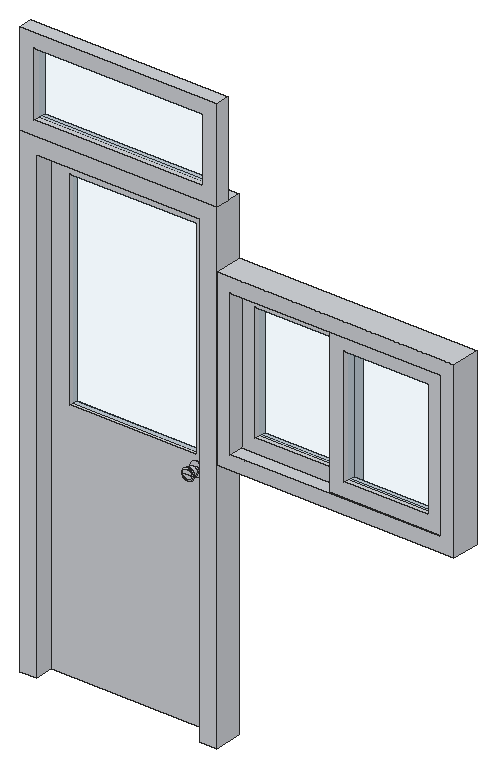
Revit family "D7A_鋁門", category 門, Revit 2014
Parameters (values of type "(85+103) x 250 cm")
  玻璃 = 玻璃
  熱阻 (R) = 0.270117 (m²·K)/W
  Visual Light Transmittance = 0
  Solar Heat Gain Coefficient = 0
  營造類型 Id = "MDOOR"
  關鍵註記 = "單開門-矩形"
  傳熱係數 (U) = 3.7021 W/(m²·K)
  功能 = 室內
  門扇材料 = none
  門扇寬度 = Width - 2 * 開門側框寬度  # 750 mm
  門扇厚度 = 40 mm
  Assembly Code = ""
  Rough Height = Height  # 2100 mm
  Rough Width = Width  # 850 mm
  框架深度 = 120 mm
  框擋板寬度 = 門扇厚度 / 2  # 20 mm
  框總寬度 [instance] = 開門側框寬度 + 框擋板寬度  # 70 mm
  Height = 2100 mm
  牆封閉 = 依主體
  框架材料 = none
  開門側框寬度 = 50 mm
  握把五金 = none
  Width = 850 mm
  操作 = "左單開門方向"
  解析營造 = "金屬"
Reference planes
  plane 1: y = -210
  plane 2 "中心 (左/右)": x = 0
  plane 3 "左": x = -425
  plane 4 "右": x = 425
  plane 5: z = 2100
  plane 6 "外部": y = -135
  plane 7 "內部": y = -285
  plane 8: y = 320
  plane 9: y = -740
  plane 10: z = 1050
Forms (mm)
  Sweep 1, solid, material <- "框架材料"
    path origin (-5000, -210, 0) x (-1, 0, 0) y (0, 0, 1)
      loop
        line (-5425, 0) -> (-5425, 2100) -> (-4575, 2100) -> (-4575, 0)
    profile origin (425, -210, 1050) x (1, 0, 0) y (0, 1, 0)
      loop
        line (0, 60) -> (-50, 60) -> (-50, 20) -> (-70, 20) -> (-70, -60) -> (0, -60) -> (0, 60)
  Extrusion 2, solid, material <- "門扇材料"
    sketch origin (-5000, -210, 0) x (1, 0, 0) y (0, 0, 1)
      loop
        line (4625, 2050) -> (4625, 0) -> (5375, 0) -> (5375, 2050) -> (4625, 2050)
      loop
        line (5275, 1050) -> (5275, 1950) -> (4725, 1950) -> (4725, 1050) -> (5275, 1050)
    from -60 to -20
  Extrusion 3, solid, material "玻璃" <- "玻璃"
    sketch origin (-5000, -210, 0) x (1, 0, 0) y (0, 0, 1)
      loop
        line (5275, 1950) -> (4725, 1950) -> (4725, 1050) -> (5275, 1050) -> (5275, 1950)
    from -55 to -35
Lines and regions (mm)
  Opening 1
    outline origin (-3050, -285, 0) x (1, 0, 0) y (0, 0, 1)
      loop
        line (2625, 0) -> (3475, 0) -> (3475, 2100) -> (2625, 2100) -> (2625, 0)
  Opening 2
    outline origin (-5000, -285, 0) x (1, 0, 0) y (0, 0, 1)
      loop
        line (5425, 2500) -> (4575, 2500) -> (4575, 2100) -> (5425, 2100) -> (5425, 2500)
  symbolic lines, style "Doors"
    curve 1: line (-375, -150, 0) -> (-335, -150, 0)
    curve 2: line (-375, 600, 0) -> (-375, -150, 0)
    curve 3: line (-335, 600, 0) -> (-375, 600, 0)
    curve 4: line (-335, -150, 0) -> (-335, 600, 0)
  symbolic lines, style "平面圖打開方向"
    curve 5: arc (375, -150, 0) -> (169.289, 365.994, 0) -> (-335, 598.933, 0) r 750
  symbolic lines, style "DoorsFrameMullionProjection"
    curve 6: line (-375, -150, 0) -> (-425, -150, 0)
    curve 7: line (-375, -270, 0) -> (-375, -150, 0)
    curve 8: line (-425, -270, 0) -> (-375, -270, 0)
    curve 9: line (-425, -150, 0) -> (-425, -270, 0)
    curve 10: line (375, -150, 0) -> (425, -150, 0)
    curve 11: line (375, -270, 0) -> (375, -150, 0)
    curve 12: line (425, -270, 0) -> (375, -270, 0)
    curve 13: line (425, -150, 0) -> (425, -270, 0)
  symbolic lines, style "立面圖打開方向"
    curve 14: line (-425, -285, 1050) -> (425, -285, 0)
    curve 15: line (-425, -135, 1050) -> (425, -135, 2100)
  model lines
    curve 16: line (275, -190, 950) -> (-275, -190, 950)
    curve 17: line (275, -190, 100) -> (275, -190, 950)
    curve 18: line (-275, -190, 100) -> (275, -190, 100)
    curve 19: line (-240, -190, 950) -> (-240, -190, 100)
    curve 20: line (-180, -190, 950) -> (-180, -190, 100)
    curve 21: line (-120, -190, 950) -> (-120, -190, 100)
    curve 22: line (-60, -190, 950) -> (-60, -190, 100)
    curve 23: line (0, -190, 950) -> (0, -190, 100)
    curve 24: line (60, -190, 950) -> (60, -190, 100)
    curve 25: line (120, -190, 950) -> (120, -190, 100)
    curve 26: line (180, -190, 950) -> (180, -190, 100)
    curve 27: line (240, -190, 950) -> (240, -190, 100)
    curve 28: line (275, -150, 950) -> (-275, -150, 950)
    curve 29: line (275, -150, 100) -> (275, -150, 950)
    curve 30: line (-275, -150, 100) -> (275, -150, 100)
    curve 31: line (-275, -150, 950) -> (-275, -150, 100)
    curve 32: line (-240, -150, 950) -> (-240, -150, 100)
    curve 33: line (-180, -150, 950) -> (-180, -150, 100)
    curve 34: line (-120, -150, 950) -> (-120, -150, 100)
    curve 35: line (-60, -150, 950) -> (-60, -150, 100)
    curve 36: line (0, -150, 950) -> (0, -150, 100)
    curve 37: line (60, -150, 950) -> (60, -150, 100)
    curve 38: line (120, -150, 950) -> (120, -150, 100)
    curve 39: line (180, -150, 950) -> (180, -150, 100)
    curve 40: line (240, -150, 950) -> (240, -150, 100)
Text (mm)
  text "外部" at (-2295.016, 1099.543, 0), in view "參考樓層"
  text "外部" at (0, 1615.38, 3698.081), in view "左"
  text "外部" at (0, 1036.032, 3874.932), in view "右"
Dimensions and locks
  equal spacing: plane 3 "左", plane 2 "中心 (左/右)", plane 4 "右"
  "Width": plane 3 "左" to plane 4 "右"
  "Height": plane 5 to host wall
  host wall to plane 5 = 2100 mm  (x2)
  locked: plane 6 "外部" to host wall at 0
  locked: plane 7 "內部" to host wall
  equal spacing: Sweep 1 sketch curve, host wall, Sweep 1 sketch curve
  "框架深度": Sweep 1 sketch curve to Sweep 1 sketch curve
  "門扇厚度": Sweep 1 sketch curve to Sweep 1 sketch curve
  "開門側框寬度": Sweep 1 sketch curve to Sweep 1 sketch curve
  "框擋板寬度": Sweep 1 sketch curve to Sweep 1 sketch curve
  "Width": Sweep 1 sketch curve to Sweep 1 sketch curve
  "門扇厚度": curve 2 to curve 4
  "門扇寬度": curve 3 to curve 1
  "開門側框寬度": curve 11 to Sweep 1
  "開門側框寬度": curve 9 to curve 7
  equal spacing: Sweep 1, host wall, Sweep 1  (x2)
  "框架深度": Sweep 1 to Sweep 1  (x2)
  equal spacing: curve 6, plane 1, curve 8
  "框架深度": curve 6 to curve 8
  equal spacing: curve 12, plane 1, curve 10
  "框架深度": curve 12 to curve 10
  locked: nested 2 to Sweep 1 at 75
  locked: nested 1 to Sweep 1 at 75
  equal spacing: plane 8, plane 1, plane 9
  plane 8 to plane 9 = 1060 mm
  "門扇厚度": Extrusion 2 to Extrusion 2
  locked: level to nested 5 at 1100
  locked: level to nested 6 at 2100
  "門扇寬度": radius of curve 5
  aligned and locked: plane 3 "左" to Opening 1 sketch curve
  aligned and locked: plane 5 to Opening 1 sketch curve  (x2)
  aligned and locked: Opening 1 sketch curve to plane 4 "右"
  aligned and locked: Opening 1 sketch curve to level
  aligned and locked: plane 1 to host wall
  aligned and locked: Sweep 1 to Extrusion 2 sketch curve
  aligned and locked: Extrusion 2 sketch curve to Sweep 1  (x2)
  aligned and locked: level to Extrusion 2 sketch curve
  aligned and locked: Extrusion 2 to Sweep 1
  aligned and locked: nested 1 to Extrusion 2
  aligned and locked: Extrusion 2 to nested 2
  aligned and locked: plane 4 "右" to curve 15
  aligned and locked: plane 5 to curve 15
  aligned and locked: level to curve 14
  aligned and locked: plane 4 "右" to curve 14
  aligned and locked: plane 10 to curve 15
  aligned and locked: plane 3 "左" to curve 15
  aligned and locked: curve 14 to curve 15
  aligned and locked: plane 10 to Extrusion 2
  aligned and locked: nested 5 to nested 6
  aligned and locked: nested 5 to plane 4 "右"
Automatic sketch dimensions
  curve 14 to plane 10 = 0 mm
  plane 4 "右" to Sweep 1 sketch curve = 0 mm
  Sweep 1 sketch curve to plane 5 = 0 mm
  Sweep 1 sketch curve to level = 0 mm  (x2)
  Sweep 1 sketch curve to profile plane = 0 mm
  curve 9 to plane 3 "左" = 0 mm
  curve 13 to plane 4 "右" = 0 mm
  Extrusion 2 sketch curve to plane 10 = 0 mm
  Extrusion 2 sketch curve to plane 3 "左" = 150 mm
  plane 5 to Extrusion 2 sketch curve = 150 mm
  Extrusion 2 sketch curve to Extrusion 2 sketch curve = 100 mm
  Extrusion 3 sketch curve to plane 10 = 0 mm
  Extrusion 3 sketch curve to plane 3 "左" = 150 mm
  plane 5 to Extrusion 3 sketch curve = 150 mm
  plane 4 "右" to Extrusion 3 sketch curve = 150 mm
  Extrusion 2 to curve 18 = 0 mm  (x2)
  curve 18 to Extrusion 2 = 100 mm
  Extrusion 2 to curve 16 = 0 mm
  curve 17 to Extrusion 2 = 100 mm
  plane 4 "右" to curve 30 = 150 mm
  curve 29 to plane 10 = 100 mm
  curve 30 to plane 3 "左" = 150 mm
  curve 28 to plane 3 "左" = 150 mm
  level to curve 29 = 100 mm
  plane 3 "左" to Opening 2 sketch curve = 0 mm
  plane 4 "右" to Opening 2 sketch curve = 0 mm
  Opening 2 sketch curve to plane 5 = 0 mm
  Opening 2 sketch curve to Opening 2 sketch curve = 400 mm
Nested families
  nested 1: "喇叭鎖" at (355, -190, 0) x (-1, 0, 0) z (0, 0, 1), type "喇叭鎖"
  nested 2: "喇叭鎖" at (355, -150, 0) x (-1, 0, 0) z (0, 0, 1), type "喇叭鎖"
  nested 3: "喇叭鎖" at (365, 60, 1000), type "喇叭鎖", not visible
  nested 4: "喇叭鎖" at (365, 20, 1000), type "喇叭鎖", not visible
  nested 5: "雙開窗- (1)" at (940, -390, 0) x (-1, 0, 0) z (0, 0, 1), type "103 x 75 cm"
  nested 6: "固定窗-矩形- (1)" at (0, -210, 0), type "85 x 40 cm"
Definition of nested family "喇叭鎖"
  Parameters (values of type "喇叭鎖")
    Assembly Code = ""
    握把高度 = 1000 mm
    握把與版面側邊距離 = 75 mm
    握把五金 = none
  Reference planes
    plane 1 "中心 (前/後)": y = 0
    plane 2: z = 0
    plane 3 "中心 (左/右)": x = 0
    plane 4: x = 75
  Forms (mm)
    Revolve 1, solid, material <- "握把五金"
      sketch origin (511.236, -60, 1000) x (1, 0, 0) y (0, 1, 0)
        loop
          line (-436.236, 60) -> (-406.236, 60) -> (-406.236, 66) -> (-426.236, 66) -> (-426.236, 85) -> (-417.636, 85) -> (-411.236, 109.7) -> (-411.236, 113.2) -> (-415.736, 115) -> (-436.236, 115) -> (-436.236, 60)
        axis (-436.236, 60) -> (-436.236, 115)
      angle from 0 to 360
  Dimensions and locks
    "握把與版面側邊距離": plane 3 "中心 (左/右)" to plane 4
    "握把高度": Revolve 1 to level
  Automatic sketch dimensions
    plane 3 "中心 (左/右)" to Revolve 1 sketch curve = 75 mm  (x2)
    Revolve 1 sketch curve to plane 1 "中心 (前/後)" = 0 mm
    plane 3 "中心 (左/右)" to Revolve 1 sketch curve = 85 mm
    Revolve 1 sketch curve to Revolve 1 sketch curve = 8.6 mm
    plane 3 "中心 (左/右)" to Revolve 1 sketch curve = 95.5 mm
    Revolve 1 sketch curve to Revolve 1 sketch curve = 4.5 mm
    Revolve 1 sketch curve to Revolve 1 sketch curve = 20 mm
    plane 1 "中心 (前/後)" to Revolve 1 sketch curve = 60 mm
    Revolve 1 sketch curve to Revolve 1 sketch curve = 6 mm
    Revolve 1 sketch curve to Revolve 1 sketch curve = 19 mm
    Revolve 1 sketch curve to Revolve 1 sketch curve = 24.7 mm
    Revolve 1 sketch curve to Revolve 1 sketch curve = 3.5 mm
    Revolve 1 sketch curve to Revolve 1 sketch curve = 1.8 mm
    Revolve 1 sketch curve to Revolve 1 sketch curve = 200 mm
Definition of nested family "雙開窗- (1)"
  Parameters (values of type "100 x 150 cm")
    Thermal Resistance (R) = 0.271106 (m²·K)/W
    Visual Light Transmittance = 0.9
    Solar Heat Gain Coefficient = 0.78
    Construction Type Id = "GSP4R"
    Height = 1500 mm
    Heat Transfer Coefficient (U) = 3.6886 W/(m²·K)
    預設窗台高度 = 900 mm
    Keynote = "雙開窗"
    Rough Height = Height  # 1500 mm
    Rough Width = Width  # 1000 mm
    裝飾外框寬度 = 60 mm
    玻璃材質 = 玻璃
    Wall Closure = (empty or 0)
    裝飾外框材料 = none
    裝飾外框厚度 = 120 mm
    Width = 1000 mm
    Operation = "垂直雙重面板"
    內部框架材料 = none
    內框寬度 = 60 mm
    內框厚度 = 50 mm
    Analytic Construction = "1/8 英吋 Pilkington 單層鑲嵌玻璃"
  Types (2, lengths in mm): name | Height | 預設窗台高度 | Rough Height | Rough Width | 玻璃材質 | Width
    100 x 150 cm | 1500 | 900 | 1500 | 1000 | 玻璃 | 1000
    103 x 75 cm | 750 | 1100 | 750 | 1030 | none | 1030
  Reference planes
    plane 1: y = -180
    plane 2 "中心 (左/右)": x = 0
    plane 3 "左": x = -500
    plane 4 "右": x = 500
    plane 5 "窗台": z = 900
    plane 6 "窗頂": z = 2400
    plane 7 "外部": y = -105
    plane 8 "內部": y = -255
    plane 9: x = -30
    plane 10: x = 30
    plane 11: y = -120
    plane 12: y = -240
    plane 13: x = -440
    plane 14: x = 440
    plane 15: z = 2340
    plane 16: z = 960
  Forms (mm)
    Extrusion 1, solid, material <- "裝飾外框材料"
      sketch origin (0, -180, 0) x (1, 0, 0) y (0, 0, 1)
        loop
          line (-500, 2400) -> (-500, 900) -> (500, 900) -> (500, 2400) -> (-500, 2400)
        loop
          line (-440, 2340) -> (-440, 960) -> (440, 960) -> (440, 2340) -> (-440, 2340)
      from 60 to -60
  Lines and regions (mm)
    Opening 1
      outline origin (3442.648, -255, 0) x (1, 0, 0) y (0, 0, 1)
        loop
          line (-2942.648, 900) -> (-2942.648, 2400) -> (-3942.648, 2400) -> (-3942.648, 900) -> (-2942.648, 900)
  Text (mm)
    text "外部" at (-1963.203, 1332.353, 0), in view "參考樓層"
    text "內部" at (-1981.466, -818.386, 0), in view "參考樓層"
    text "外部" at (0, 923.751, 2943.296), in view "右"
    text "外部" at (0, 1040.484, 2685.409), in view "左"
  Dimensions and locks
    equal spacing: plane 3 "左", plane 2 "中心 (左/右)", plane 4 "右"
    "Width": plane 3 "左" to plane 4 "右"
    "Height": plane 5 "窗台" to plane 6 "窗頂"
    "預設窗台高度": plane 5 "窗台" to level
    locked: plane 7 "外部" to host wall at 0
    locked: plane 8 "內部" to host wall
    equal spacing: plane 9, plane 2 "中心 (左/右)", plane 10
    "內框寬度": plane 9 to plane 10
    equal spacing: plane 11, plane 1, plane 12
    "裝飾外框厚度": plane 11 to plane 12
    "裝飾外框寬度": plane 6 "窗頂" to plane 15
    "裝飾外框寬度": plane 16 to plane 5 "窗台"
    "裝飾外框寬度": plane 3 "左" to plane 13
    "裝飾外框寬度": plane 14 to plane 4 "右"
    aligned and locked: plane 1 to nested 1
    aligned and locked: plane 1 to nested 2
    aligned and locked: nested 1 to plane 10
    aligned and locked: nested 2 to plane 9
    aligned and locked: plane 1 to host wall
    aligned and locked: host wall to Extrusion 1 sketch curve
    aligned and locked: Extrusion 1 sketch curve to host wall  (x3)
    aligned and locked: Opening 1 sketch curve to plane 6 "窗頂"
    aligned and locked: Opening 1 sketch curve to plane 4 "右"
    aligned and locked: Opening 1 sketch curve to plane 5 "窗台"
    aligned and locked: Opening 1 sketch curve to plane 3 "左"
    aligned and locked: Extrusion 1 sketch curve to plane 15
    aligned and locked: plane 13 to Extrusion 1 sketch curve
    aligned and locked: Extrusion 1 sketch curve to plane 14
    aligned and locked: plane 16 to Extrusion 1 sketch curve
    aligned and locked: plane 15 to nested 2
    aligned and locked: plane 16 to nested 2
    aligned and locked: nested 1 to plane 15
    aligned and locked: nested 1 to plane 16
    aligned and locked: nested 1 to plane 13
    aligned and locked: plane 14 to nested 2
    aligned and locked: plane 11 to Extrusion 1
    aligned and locked: Extrusion 1 to plane 12
  Nested families
    nested 1: "窗框" at (-504.928, -1099.367, -40), type "窗框"
      with Height 1380 mm, Width 535 mm
    nested 2: "窗框" at (-29.928, 739.367, -40), type "窗框"
      with Height 1380 mm, Width 535 mm
  Definition of nested family "窗框"
    Parameters (values of type "窗框")
      Height [instance] = 500 mm
      護桿寬度 = 20 mm
      護桿厚度 = 10 mm
      Rough Height = 500 mm
      Rough Width = 600 mm
      Width [instance] = 600 mm
      裝飾外框材料 = none
      玻璃材質 = none
      玻璃厚度 = 10 mm
      裝飾外框寬度 = 60 mm
      裝飾外框厚度 = 50 mm
      Assembly Code = ""
    Reference planes
      plane 1 "中心 (前/後)": y = -919.367
      plane 2: z = 0
      plane 3 "中心 (左/右)": x = 267.428
      plane 4 "玻璃-上": y = -939.367
      plane 5 "玻璃-下": y = -949.367
      plane 6: y = -969.367
      plane 7: x = -32.572
      plane 8: x = 567.428
      plane 9: x = 27.428
      plane 10: x = 507.428
      plane 11: z = 1440
      plane 12: z = 1500
      plane 13: z = 1060
      plane 14: z = 1000
      plane 15: y = -944.367
    Forms (mm)
      Extrusion 1, solid, material <- "玻璃材質"
        sketch origin (-1499.274, -944.367, 1200) x (-1, 0, 0) y (0, 0, 1)
          loop
            line (-1526.702, 240) -> (-2006.702, 240) -> (-2006.702, -140) -> (-1526.702, -140) -> (-1526.702, 240)
        from -5 to 5
      Extrusion 2, solid, material <- "裝飾外框材料"
        sketch origin (-1499.274, -944.367, 1200) x (-1, 0, 0) y (0, 0, 1)
          loop
            line (-1466.702, 300) -> (-2066.702, 300) -> (-2066.702, -200) -> (-1466.702, -200) -> (-1466.702, 300)
          loop
            line (-1526.702, 240) -> (-2006.702, 240) -> (-2006.702, -140) -> (-1526.702, -140) -> (-1526.702, 240)
        from -25 to 25
    Dimensions and locks
      equal spacing: plane 10, plane 3 "中心 (左/右)", plane 9
      "裝飾外框寬度": plane 8 to plane 10
      "裝飾外框寬度": plane 9 to plane 7
      "裝飾外框寬度": plane 12 to plane 11
      "Width": plane 8 to plane 7
      "裝飾外框寬度": plane 13 to plane 14
      "Height": plane 12 to plane 14
      plane 14 to level = 1000 mm
      equal spacing: plane 4 "玻璃-上", plane 15, plane 5 "玻璃-下"
      "玻璃厚度": plane 4 "玻璃-上" to plane 5 "玻璃-下"
      equal spacing: plane 6, plane 15, plane 1 "中心 (前/後)"
      "裝飾外框厚度": plane 6 to plane 1 "中心 (前/後)"
      aligned and locked: Extrusion 1 sketch curve to plane 11
      aligned and locked: plane 9 to Extrusion 1 sketch curve
      aligned and locked: Extrusion 1 sketch curve to plane 10
      aligned and locked: plane 13 to Extrusion 1 sketch curve
      aligned and locked: plane 7 to Extrusion 2 sketch curve
      aligned and locked: Extrusion 2 sketch curve to plane 12
      aligned and locked: Extrusion 2 sketch curve to plane 8
      aligned and locked: plane 9 to Extrusion 2 sketch curve
      aligned and locked: plane 13 to Extrusion 2 sketch curve
      aligned and locked: Extrusion 2 sketch curve to plane 10
      aligned and locked: Extrusion 2 sketch curve to plane 11
      aligned and locked: Extrusion 2 sketch curve to plane 14
      aligned and locked: plane 2 to level
      aligned and locked: plane 6 to Extrusion 2
      aligned and locked: plane 1 "中心 (前/後)" to Extrusion 2
      aligned and locked: plane 5 "玻璃-下" to Extrusion 1
      aligned and locked: plane 4 "玻璃-上" to Extrusion 1
Definition of nested family "固定窗-矩形- (1)"
  Parameters (values of type "100 x 150 cm")
    Thermal Resistance (R) = 0.271106 (m²·K)/W
    Visual Light Transmittance = 0.9
    Solar Heat Gain Coefficient = 0.78
    Construction Type Id = "GSP4R"
    Height = 1500 mm
    Heat Transfer Coefficient (U) = 3.6886 W/(m²·K)
    預設窗台高度 = 900 mm
    Keynote = "固定窗-矩形"
    Rough Height = Height  # 1500 mm
    Rough Width = Width  # 1000 mm
    玻璃材質 = 玻璃
    Wall Closure = (empty or 0)
    Width = 1000 mm
    裝飾外框材料 = none
    裝飾外框寬度 = 60 mm
    裝飾外框厚度 = 60 mm
    Analytic Construction = "1/8 英吋 Pilkington 單層鑲嵌玻璃"
  Types (2, lengths in mm): name | Height | 預設窗台高度 | Rough Height | Rough Width | 玻璃材質 | Width
    100 x 150 cm | 1500 | 900 | 1500 | 1000 | 玻璃 | 1000
    85 x 40 cm | 400 | 2100 | 400 | 850 | none | 850
  Reference planes
    plane 1: y = 0
    plane 2 "中心 (左/右)": x = 0
    plane 3 "左": x = -500
    plane 4 "右": x = 500
    plane 5 "窗台": z = 900
    plane 6 "標頭": z = 2400
    plane 7 "外部": y = 75
    plane 8 "內部": y = -75
  Lines and regions (mm)
    Opening 1
      outline origin (3500, -75, 0) x (1, 0, 0) y (0, 0, 1)
        loop
          line (-3000, 900) -> (-3000, 2400) -> (-4000, 2400) -> (-4000, 900) -> (-3000, 900)
  Text (mm)
    text "外部" at (-1963.203, 1332.353, 0), in view "參考樓層"
    text "內部" at (-1981.466, -818.386, 0), in view "參考樓層"
    text "外部" at (0, 923.751, 2943.296), in view "右"
    text "外部" at (0, 1040.484, 2685.409), in view "左"
  Dimensions and locks
    equal spacing: plane 3 "左", plane 2 "中心 (左/右)", plane 4 "右"
    "Width": plane 3 "左" to plane 4 "右"
    "Height": plane 5 "窗台" to plane 6 "標頭"
    "預設窗台高度": plane 5 "窗台" to level
    locked: plane 7 "外部" to host wall at 0
    locked: plane 8 "內部" to host wall
    aligned and locked: plane 1 to nested 1
    aligned and locked: nested 1 to plane 3 "左"
    aligned and locked: nested 1 to plane 4 "右"
    aligned and locked: nested 1 to plane 6 "標頭"
    aligned and locked: nested 1 to plane 5 "窗台"
  Automatic sketch dimensions
    Opening 1 sketch curve to plane 3 "左" = 0 mm
    Opening 1 sketch curve to plane 4 "右" = 0 mm
    Opening 1 sketch curve to plane 5 "窗台" = 0 mm
    Opening 1 sketch curve to plane 6 "標頭" = 0 mm
  Nested families
    nested 1: "窗框" at (-267.428, 919.367, -100), type "窗框"
      with Height 1500 mm, Width 1000 mm
  Definition of nested family "窗框"
    Parameters (values of type "窗框")
      Height [instance] = 500 mm
      護桿寬度 = 20 mm
      護桿厚度 = 10 mm
      Rough Height = 500 mm
      Rough Width = 600 mm
      Width [instance] = 600 mm
      裝飾外框材料 = none
      玻璃材質 = none
      玻璃厚度 = 10 mm
      裝飾外框寬度 = 60 mm
      裝飾外框厚度 = 60 mm
      Assembly Code = ""
    Reference planes
      plane 1 "中心 (前/後)": y = -919.367
      plane 2: z = 0
      plane 3 "中心 (左/右)": x = 267.428
      plane 4 "玻璃-上": y = -944.367
      plane 5 "玻璃-下": y = -954.367
      plane 6: y = -979.367
      plane 7: x = -32.572
      plane 8: x = 567.428
      plane 9: x = 27.428
      plane 10: x = 507.428
      plane 11: z = 1440
      plane 12: z = 1500
      plane 13: z = 1060
      plane 14: z = 1000
      plane 15: y = -949.367
    Forms (mm)
      Extrusion 1, solid, material <- "玻璃材質"
        sketch origin (-1499.274, -949.367, 1200) x (-1, 0, 0) y (0, 0, 1)
          loop
            line (-1526.702, 240) -> (-2006.702, 240) -> (-2006.702, -140) -> (-1526.702, -140) -> (-1526.702, 240)
        from -5 to 5
      Extrusion 2, solid, material <- "裝飾外框材料"
        sketch origin (-1499.274, -949.367, 1200) x (-1, 0, 0) y (0, 0, 1)
          loop
            line (-1466.702, 300) -> (-2066.702, 300) -> (-2066.702, -200) -> (-1466.702, -200) -> (-1466.702, 300)
          loop
            line (-1526.702, 240) -> (-2006.702, 240) -> (-2006.702, -140) -> (-1526.702, -140) -> (-1526.702, 240)
        from -30 to 30
    Dimensions and locks
      equal spacing: plane 10, plane 3 "中心 (左/右)", plane 9
      "裝飾外框寬度": plane 8 to plane 10
      "裝飾外框寬度": plane 9 to plane 7
      "裝飾外框寬度": plane 12 to plane 11
      "Width": plane 8 to plane 7
      "裝飾外框寬度": plane 13 to plane 14
      "Height": plane 12 to plane 14
      plane 14 to level = 1000 mm
      equal spacing: plane 4 "玻璃-上", plane 15, plane 5 "玻璃-下"
      "玻璃厚度": plane 4 "玻璃-上" to plane 5 "玻璃-下"
      equal spacing: plane 6, plane 15, plane 1 "中心 (前/後)"
      "裝飾外框厚度": plane 6 to plane 1 "中心 (前/後)"
      aligned and locked: Extrusion 1 sketch curve to plane 11
      aligned and locked: plane 9 to Extrusion 1 sketch curve
      aligned and locked: Extrusion 1 sketch curve to plane 10
      aligned and locked: plane 13 to Extrusion 1 sketch curve
      aligned and locked: plane 7 to Extrusion 2 sketch curve
      aligned and locked: Extrusion 2 sketch curve to plane 12
      aligned and locked: Extrusion 2 sketch curve to plane 8
      aligned and locked: plane 9 to Extrusion 2 sketch curve
      aligned and locked: plane 13 to Extrusion 2 sketch curve
      aligned and locked: Extrusion 2 sketch curve to plane 10
      aligned and locked: Extrusion 2 sketch curve to plane 11
      aligned and locked: Extrusion 2 sketch curve to plane 14
      aligned and locked: plane 2 to level
      aligned and locked: plane 6 to Extrusion 2
      aligned and locked: plane 1 "中心 (前/後)" to Extrusion 2
      aligned and locked: plane 5 "玻璃-下" to Extrusion 1
      aligned and locked: plane 4 "玻璃-上" to Extrusion 1
